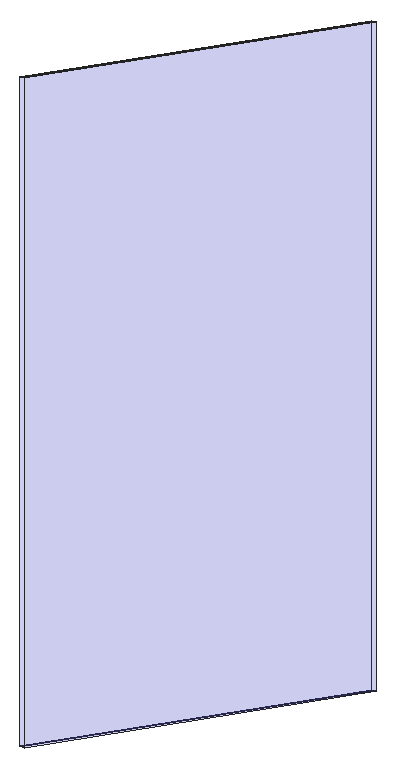
Revit family "M_Baluster Panel - Glass", category 난간동자, Revit 2026
Family settings
  항상 수직 = 예
  로드될 때 보이드를 사용하여 절단 = 아니오
  공유 = 아니오
Parameters (values of type "600mm w 25mm Side Gap")
  built-in parameter 1008623 [instance] = (empty or 0)
  Thickness [instance] = 6 mm
  built-in parameter 1008625 [instance] = 18.00°
  Post = no
  Panel Top Gap = 0 mm
  Panel Material = Glass
  Width [instance] = 600 mm
  Panel Side Gap = 25 mm
  Panel Bottom Gap = 0 mm
  built-in parameter 1008624 [instance] = (empty or 0)
  built-in parameter 1008622 [instance] = 750 mm
Types (4, lengths in mm): name | Panel Top Gap | Width | Panel Side Gap | Panel Bottom Gap
  (no name) | 0 | 600 | 25 | 0
  600mm w 25mm Side Gap | 0 | 600 | 25 | 0
  450mm w 25mm Side Gap | 0 | 450 | 25 | 0
  600mm w 25mm Top & Bottom Gap | 25 | 600 | 0 | 25
Reference planes
  plane 1 "Center (Front/Back)": y = 0
  plane 2: z = 0
  plane 3 "Center (Left/Right)": x = 3.175
  plane 4 "Top": z = 750
  plane 5 "Slope Angle (Top)": through (0, 220.419, 678.381) normal (0, -0.309, -0.9511)
  plane 6 "Slope Angle (Bottom)": through (0, 0, 0) normal (0, -0.309, -0.9511)
  plane 7 "Front": y = 300
  plane 8 "Back": y = -300
  plane 9: x = 0.175
  plane 10: x = 6.175
Forms (mm)
  Extrusion 1, solid, material "Glass" <- "Panel Material"
    sketch origin (3.175, 0, 0) x (0, 1, 0) y (0, 0, 1)
      loop
        line (275, -89.353) -> (275, 660.647) -> (-275, 839.353) -> (-275, 89.353) -> (275, -89.353)
    from -3 to 3
Lines and regions (mm)
  model lines, style "InvisibleLines"
    curve 1: line (3.175, 300, 652.524) -> (3.175, -300, 847.476)
    curve 2: line (3.175, 300, -97.476) -> (3.175, -300, 97.476)
    curve 3: line (3.175, 275, -89.353) -> (3.175, 275, 660.647)
    curve 4: line (3.175, -275, 89.353) -> (3.175, -275, 839.353)
Text (mm)
  text "Baluster Panel Elevation" at (0, 1279.138, 1234.25), in view "Left"
Dimensions and locks
  "built-in parameter 1008622": plane 2 to plane 4 "Top"
  "Width": plane 8 "Back" to plane 7 "Front"
  equal spacing: plane 8 "Back", plane 1 "Center (Front/Back)", plane 7 "Front"
  "Thickness": plane 9 to plane 10
  equal spacing: plane 9, plane 3 "Center (Left/Right)", plane 10
  "Panel Top Gap": curve 1 to plane 5 "Slope Angle (Top)"  (x2)
  "Panel Bottom Gap": plane 6 "Slope Angle (Bottom)" to curve 2  (x2)
  "Panel Side Gap": plane 7 "Front" to curve 3  (x2)
  "Panel Side Gap": curve 4 to plane 8 "Back"  (x2)
  "built-in parameter 1008625": angle plane 4 "Top" to plane 5 "Slope Angle (Top)"
  "built-in parameter 1008625": angle level to plane 6 "Slope Angle (Bottom)"
  aligned and locked: plane 9 to Extrusion 1
  aligned and locked: Extrusion 1 to plane 10
  aligned and locked: plane 8 "Back" to curve 2
  aligned and locked: plane 7 "Front" to curve 2
  aligned and locked: plane 5 "Slope Angle (Top)" to curve 4
  aligned and locked: plane 6 "Slope Angle (Bottom)" to curve 4
  aligned and locked: plane 5 "Slope Angle (Top)" to curve 3
  aligned and locked: plane 6 "Slope Angle (Bottom)" to curve 3
  aligned and locked: curve 1 to Extrusion 1 sketch curve
  aligned and locked: Extrusion 1 sketch curve to curve 2
  aligned and locked: Extrusion 1 sketch curve to curve 4
  aligned and locked: curve 3 to Extrusion 1 sketch curve
Automatic sketch dimensions
  curve 1 to plane 7 "Front" = 0 mm
  curve 1 to plane 8 "Back" = 0 mm
